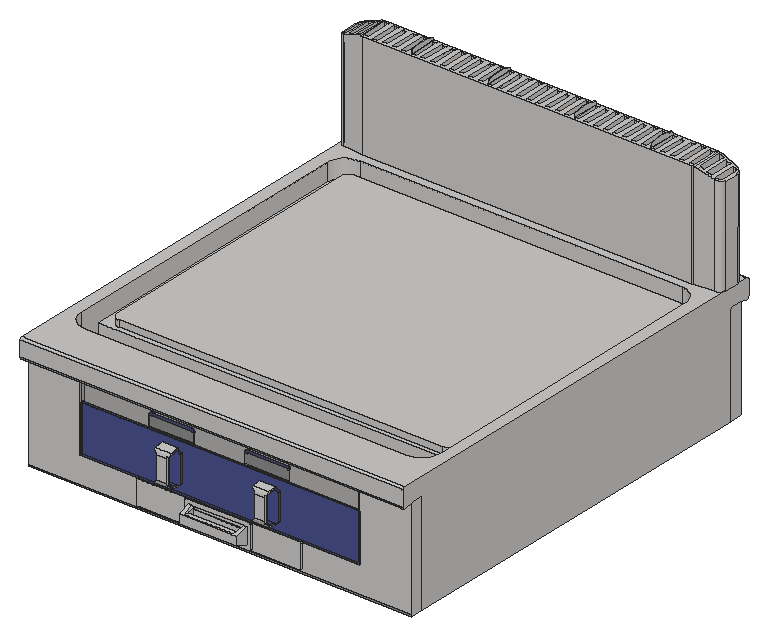
Revit family "QF_ELECTROLUXPROFESSIONAL_589094_MCHMAAHOPO", category Specialty Equipment, Revit 2018
Family settings
  Round Connector Dimension = Use Diameter
  Part Type = Normal
  Work Plane-Based = No
  Always vertical = Yes
  Cut with Voids When Loaded = No
  Shared = No
  Room Calculation Point = No
Parameters
  Weight in Pounds = 264.6
  Watts = 0 W
  URL Cutsheet = ""
  Type Mark [instance] = ""
  Specification by User [instance] = ""
  Specification by Manufacturer = ""
  Show Clearance [instance] = yes
  Serial Number = ""
  Seismic Rating = ""
  SMACNA No = ""
  Revision Code [instance] = ""
  Omniclass Number and Title = ""
  NAFEM Spec ID Number = ""
  Model = "589094"
  Mechanical Remarks = ""
  Mechanical Connection Type = ""
  Masterspec = ""
  Manufacturer = "ELECTROLUX"
  Item Number [instance] = ""
  Installed By [instance] = ""
  Identify Quantity as Lot [instance] = yes
  HP = "0 HP"
  Gas Size = 1/2"
  Gas RI Height [instance] = 0 mm
  Gas KW = 20
  Gas Input [instance] = 68180.0 Btu/h
  Gas Connection Height = 0 mm
  Furnished By [instance] = ""
  Foodservice Equipment Identifier [instance] = yes
  Direct Waste Size = 0"
  Description = "GAS FRYTOP,SMOOTH PL,1-SIDE,800X900X250H"
  CSI MasterFormat = ""
  CSI Master Format = ""
  Back Panel [instance] = yes
Reference planes
  plane 1 "BACK": y = 0
  plane 2: z = 0
  plane 3 "LEFT": x = 0
  plane 4 "RIGHT": x = 800
  plane 5 "FRONT": y = -900
  plane 6 "TOP": z = 250
  plane 7: x = 400
  plane 8: y = -450
  plane 9: z = 481
  plane 10: y = -1330
Forms (mm)
  Extrusion 1, solid, material "QF_Finishes_Stainless Steel"
    sketch origin (0, -487.128, 0) x (0, 1, 0) y (0, 0, 1)
      loop
        line (483.128, 250) -> (-408.872, 250)
        arc (-408.872, 250) -> (-411.7, 248.828) -> (-412.872, 246) r 4
        line (-412.872, 246) -> (-412.872, 214)
        arc (-412.872, 214) -> (-411.443, 210.936) -> (-408.177, 210.061) r 4
        line (-408.177, 210.061) -> (-391.509, 213) -> (-366.872, 213) -> (-366.872, 0) -> (441.128, 0) -> (441.128, 213) -> (465.765, 213) -> (482.433, 210.061)
        arc (482.433, 210.061) -> (485.699, 210.936) -> (487.128, 214) r 4
        line (487.128, 214) -> (487.128, 246)
        arc (487.128, 246) -> (485.956, 248.828) -> (483.128, 250) r 4
    from 0 to 800
  Extrusion 2, solid, material "QF_Finishes_Stainless Steel", visible <- "Back Panel"
    sketch origin (0, 0, 0) x (0, 1, 0) y (0, 0, 1)
      loop
        line (-46, 0) -> (-20, 0) -> (-20, 213) -> (-46, 213) -> (-46, 0)
    from 0 to 800
  Extrusion 3, void
    sketch origin (653.786, 44.048, 250) x (1, 0, 0) y (0, -1, 0)
      loop
        line (-590.636, 138.048) -> (83.064, 138.048)
        arc (83.064, 138.048) -> (110.04, 149.222) -> (121.214, 176.198) r 38.15
        line (121.214, 176.198) -> (121.214, 816.572)
        arc (121.214, 816.572) -> (109.944, 843.779) -> (82.737, 855.048) r 38.476
        line (82.737, 855.048) -> (-591.786, 855.048)
        arc (-591.786, 855.048) -> (-617.949, 844.211) -> (-628.786, 818.048) r 37
        line (-628.786, 818.048) -> (-628.786, 176.198)
        arc (-628.786, 176.198) -> (-617.613, 149.222) -> (-590.636, 138.048) r 38.15
    from 0 to 37
  Extrusion 4, void
    sketch origin (1307.573, 92.096, 213) x (0, 1, 0) y (1, 0, 0)
      loop
        line (-821.846, -532.573) -> (-864.62, -532.573)
        arc (-864.62, -532.573) -> (-891.827, -543.842) -> (-903.096, -571.049) r 38.476
        line (-903.096, -571.049) -> (-903.096, -1245.573)
        arc (-903.096, -1245.573) -> (-892.259, -1271.736) -> (-866.096, -1282.573) r 37
        line (-866.096, -1282.573) -> (-821.846, -1282.573) -> (-821.846, -532.573)
    from 0 to 25.6
  Extrusion 5, void
    sketch origin (1612.573, 92.096, 187.4) x (-1, 0, 0) y (0, 1, 0)
      loop
        circle (1212.573, -862.096) r 22.248
    from 0 to 92
  Extrusion 6, solid, material "QF_Finishes_Stainless Steel"
    sketch origin (0, -854, 0) x (1, 0, 0) y (0, -1, 0)
      loop
        circle (765, -264) r 6.35
    from 0 to 3.2
  Extrusion 7, solid, material "QF_Door-Drawer Clearances", visible <- "Show Clearance", detail levels coarse
    sketch origin (437.31, -881.593, 8.62) x (0, 0, 1) y (-1, 0, 0)
      loop
        line (1.973, -134.295) -> (49.317, -134.295)
        arc (49.317, -134.295) -> (50.776, -133.691) -> (51.38, -132.232) r 2.063
        line (51.38, -132.232) -> (51.38, 206.852)
        arc (51.38, 206.852) -> (50.88, 208.549) -> (49.541, 209.705) r 3.133
        line (49.541, 209.705) -> (3.067, 209.705)
        arc (3.067, 209.705) -> (0.898, 208.807) -> (0, 206.638) r 3.067
        line (0, 206.638) -> (0, -132.322)
        arc (0, -132.322) -> (0.578, -133.717) -> (1.973, -134.295) r 1.973
    from 0 to 448.407
  Extrusion 8, solid, material "QF_Finishes_Stainless Steel"
    sketch origin (653.786, 44.048, 213) x (1, 0, 0) y (0, 1, 0)
      loop
        line (-608.786, -166.361) -> (-608.786, -745.485)
        arc (-608.786, -745.485) -> (-603.47, -758.319) -> (-590.636, -763.635) r 18.15
        line (-590.636, -763.635) -> (83.064, -763.635)
        arc (83.064, -763.635) -> (95.898, -758.319) -> (101.214, -745.485) r 18.15
        line (101.214, -745.485) -> (101.214, -166.361)
        arc (101.214, -166.361) -> (95.898, -153.527) -> (83.064, -148.211) r 18.15
        line (83.064, -148.211) -> (-590.636, -148.211)
        arc (-590.636, -148.211) -> (-603.47, -153.527) -> (-608.786, -166.361) r 18.15
    from 0 to 13.3
  Extrusion 9, solid, material "QF_Clearances", visible <- "Show Clearance", detail levels coarse
    sketch origin (-178.969, -4572, 0) x (-1, 0, 0) y (0, -1, 0)
      loop
        line (-78.969, -3672) -> (-178.969, -3672) -> (-178.969, -4572) -> (-978.969, -4572) -> (-978.969, -3672) -> (-1078.969, -3672) -> (-1078.969, -4672) -> (-78.969, -4672) -> (-78.969, -3672)
    from 0 to 250
Cuts and joins
  Extrusion 3, Extrusion 4, Extrusion 5 cuts Extrusion 1
Lines and regions (mm)
  symbolic lines
    curve 1: line (493.666, -902.326, 0) -> (493.666, -900, 0)
    curve 2: spline (499.334, -903.73, 0) -> (498.856, -903.657, 0) -> (498.378, -903.575, 0) -> (497.901, -903.486, 0) -> (497.425, -903.389, 0) -> (496.95, -903.283, 0) -> (496.476, -903.17, 0) -> (496.004, -903.049, 0) -> (495.533, -902.92, 0) -> (495.064, -902.783, 0) -> (494.596, -902.638, 0) -> (494.13, -902.486, 0) -> (493.666, -902.326, 0)
    curve 3: line (525.881, -902.326, 0) -> (525.881, -900, 0)
    curve 4: spline (525.881, -902.326, 0) -> (525.417, -902.486, 0) -> (524.951, -902.638, 0) -> (524.483, -902.783, 0) -> (524.014, -902.92, 0) -> (523.543, -903.049, 0) -> (523.071, -903.17, 0) -> (522.597, -903.283, 0) -> (522.122, -903.389, 0) -> (521.646, -903.486, 0) -> (521.169, -903.575, 0) -> (520.691, -903.657, 0) -> (520.213, -903.73, 0)
    curve 5: line (499.334, -903.73, 0) -> (520.213, -903.73, 0)
    curve 6: line (25, -774, 0) -> (25, -132.15, 0)
    curve 7: arc (25, -132.15, 0) -> (36.174, -105.174, 0) -> (63.15, -94, 0) r 38.15
    curve 8: line (63.15, -94, 0) -> (736.85, -94, 0)
    curve 9: arc (736.85, -94, 0) -> (763.826, -105.174, 0) -> (775, -132.15, 0) r 38.15
    curve 10: line (775, -132.15, 0) -> (775, -772.524, 0)
    curve 11: arc (775, -772.524, 0) -> (763.731, -799.731, 0) -> (736.524, -811, 0) r 38.476
    curve 12: line (736.524, -811, 0) -> (62, -811, 0)
    curve 13: arc (62, -811, 0) -> (35.837, -800.163, 0) -> (25, -774, 0) r 37
    curve 14: line (775, -729.75, 0) -> (25, -729.75, 0)
    curve 15: circle (400, -770, 0) r 22.248 normal (0, 0, -1)
    curve 16: line (0, 0, 0) -> (800, 0, 0)
    curve 17: line (0, -900, 0) -> (0, 0, 0)
    curve 18: line (800, -900, 0) -> (0, -900, 0)
    curve 19: line (800, 0, 0) -> (800, -900, 0)
    curve 20: line (347.608, -908.767, 0) -> (450.042, -908.767, 0)
    curve 21: line (450.042, -908.767, 0) -> (451.588, -900, 0)
    curve 22: line (347.608, -908.767, 0) -> (346.062, -900, 0)
  symbolic lines, style "QF_Door-Drawer Clearances"
    curve 23: line (227.605, -1330, 0) -> (227.605, -900, 0)
    curve 24: line (227.605, -1330, 0) -> (571.605, -1330, 0)
    curve 25: line (571.605, -1330, 0) -> (571.605, -900, 0)
  symbolic lines, style "SpecialityEquipment"
    curve 26: line (755, -701.437, 0) -> (755, -122.313, 0)
    curve 27: arc (755, -122.313, 0) -> (749.684, -109.479, 0) -> (736.85, -104.163, 0) r 18.15
    curve 28: line (736.85, -104.163, 0) -> (63.15, -104.163, 0)
    curve 29: arc (63.15, -104.163, 0) -> (50.316, -109.479, 0) -> (45, -122.313, 0) r 18.15
    curve 30: line (45, -122.313, 0) -> (45, -701.437, 0)
    curve 31: arc (45, -701.437, 0) -> (50.316, -714.271, 0) -> (63.15, -719.587, 0) r 18.15
    curve 32: line (63.15, -719.587, 0) -> (736.85, -719.587, 0)
    curve 33: arc (736.85, -719.587, 0) -> (749.684, -714.271, 0) -> (755, -701.437, 0) r 18.15
  symbolic lines, style "QF_Clearances", visible <- "Show Clearance", detail levels coarse
    curve 34: line (-100, 100, 0) -> (-100, -900, 0)
    curve 35: line (900, 100, 0) -> (-100, 100, 0)
    curve 36: line (900, -900, 0) -> (900, 100, 0)
Dimensions and locks
  plane 3 "LEFT" to plane 4 "RIGHT" = 800 mm
  plane 5 "FRONT" to plane 1 "BACK" = 900 mm
  equal spacing: plane 3 "LEFT", plane 7, plane 4 "RIGHT"
  equal spacing: plane 5 "FRONT", plane 8, plane 1 "BACK"
  plane 6 "TOP" to level = 250 mm  (x2)
  plane 1 "BACK" to plane 5 "FRONT" = 900 mm
  Extrusion 6 sketch curve to plane 1 "BACK" = 590 mm
  Extrusion 6 sketch curve to plane 4 "RIGHT" = 35 mm
  plane 5 "FRONT" to plane 10 = 430 mm
  plane 9 to plane 6 "TOP" = 231 mm
  plane 9 to level = 481 mm
  Extrusion 9 to plane 3 "LEFT" = 100 mm
  plane 4 "RIGHT" to Extrusion 9 = 100 mm
  plane 1 "BACK" to Extrusion 9 = 100 mm
  radius of Extrusion 8 sketch curve = 18.15 mm  (x4)
  aligned and locked: level to plane 2
  aligned and locked: Extrusion 7 to plane 10
  aligned and locked: plane 6 "TOP" to Extrusion 9
  aligned and locked: cut or joined group of Extrusion 1, Extrusion 3, Extrusion 4, Extrusion 5 to plane 4 "RIGHT"
  aligned and locked: Extrusion 2 to plane 4 "RIGHT"
  aligned and locked: plane 7 to nested 1
  aligned and locked: plane 7 to nested 2
Automatic sketch dimensions
  Extrusion 2 sketch curve to Extrusion 2 sketch curve = 26 mm
  plane 1 "BACK" to Extrusion 2 sketch curve = 20 mm
  Extrusion 1 to Extrusion 3 sketch curve = 90 mm
  Extrusion 1 to Extrusion 3 sketch curve = 122 mm
  Extrusion 1 to Extrusion 3 sketch curve = 25 mm
  Extrusion 3 sketch curve to Extrusion 3 sketch curve = 38.15 mm  (x2)
  Extrusion 1 to Extrusion 3 sketch curve = 123.476 mm
  Extrusion 1 to Extrusion 3 sketch curve = 85 mm
  Extrusion 3 sketch curve to Extrusion 3 sketch curve = 674.524 mm
  Extrusion 1 sketch curve to plane 5 "FRONT" = 0 mm
  Extrusion 1 sketch curve to plane 6 "TOP" = 0 mm
  Extrusion 1 sketch curve to level = 0 mm
  Extrusion 1 sketch curve to plane 1 "BACK" = 0 mm
  Extrusion 1 sketch curve to plane 6 "TOP" = 37 mm  (x2)
  Extrusion 1 sketch curve to plane 5 "FRONT" = 4 mm
  Extrusion 1 sketch curve to plane 5 "FRONT" = 21.363 mm
  Extrusion 1 sketch curve to plane 5 "FRONT" = 46 mm
  plane 1 "BACK" to Extrusion 1 sketch curve = 21.363 mm
  plane 1 "BACK" to Extrusion 1 sketch curve = 4 mm  (x2)
  Extrusion 1 sketch curve to Extrusion 1 sketch curve = 4 mm
  Extrusion 1 sketch curve to Extrusion 1 sketch curve = 0.695 mm
  Extrusion 1 sketch curve to Extrusion 1 sketch curve = 0 mm  (x4)
  plane 1 "BACK" to Extrusion 1 sketch curve = 4.695 mm
  Extrusion 1 sketch curve to Extrusion 1 sketch curve = 1 mm  (x2)
  plane 1 "BACK" to Extrusion 1 sketch curve = 46 mm
  Extrusion 4 sketch curve to Extrusion 3 = 81.25 mm
  Extrusion 3 to Extrusion 4 sketch curve = 0 mm  (x2)
  Extrusion 4 sketch curve to Extrusion 4 sketch curve = 37 mm
  Extrusion 4 sketch curve to Extrusion 4 sketch curve = 674.524 mm
  Extrusion 4 sketch curve to Extrusion 3 = 38.476 mm
  Extrusion 5 sketch curve to Extrusion 4 = 41 mm
  Extrusion 5 sketch curve to Extrusion 4 = 375 mm
  plane 1 "BACK" to curve 16 = 0 mm
  curve 16 to plane 4 "RIGHT" = 0 mm
  curve 23 to plane 10 = 0 mm
  curve 17 to plane 3 "LEFT" = 0 mm
  plane 5 "FRONT" to curve 25 = 0 mm
  plane 4 "RIGHT" to curve 10 = 25 mm
  curve 10 to curve 8 = 38.15 mm
  curve 11 to curve 12 = 38.476 mm
  plane 5 "FRONT" to curve 21 = 8.767 mm
  plane 5 "FRONT" to curve 3 = 2.326 mm
  plane 7 to curve 3 = 125.881 mm
  plane 5 "FRONT" to curve 5 = 3.73 mm
  curve 3 to curve 5 = 5.669 mm
  curve 5 to curve 22 = 172.605 mm
  curve 5 to curve 20 = 151.727 mm
  plane 5 "FRONT" to curve 1 = 2.326 mm
  curve 2 to curve 1 = 5.669 mm
  plane 3 "LEFT" to curve 8 = 63.15 mm
  plane 3 "LEFT" to curve 12 = 62 mm
  plane 3 "LEFT" to curve 23 = 227.605 mm
  plane 3 "LEFT" to curve 6 = 25 mm
  plane 4 "RIGHT" to curve 25 = 228.395 mm
  plane 5 "FRONT" to curve 4 = 4.032 mm
  curve 5 to curve 4 = 4.17 mm
  curve 4 to curve 22 = 169.98 mm
  curve 4 to curve 2 = 12.538 mm
  curve 15 to curve 13 = 338 mm
  plane 1 "BACK" to curve 8 = 94 mm
  curve 10 to plane 5 "FRONT" = 127.476 mm
  curve 14 to curve 13 = 44.25 mm
  curve 15 to curve 13 = 4 mm
  curve 2 to curve 4 = 0 mm
  Extrusion 8 sketch curve to Extrusion 3 = 20 mm
  Extrusion 8 sketch curve to Extrusion 3 = 91.413 mm
  Extrusion 8 sketch curve to Extrusion 3 = 38.15 mm
  Extrusion 8 sketch curve to Extrusion 3 = 28.313 mm
  plane 4 "RIGHT" to curve 26 = 45 mm
  plane 3 "LEFT" to curve 28 = 63.15 mm
  plane 1 "BACK" to curve 28 = 104.163 mm
  curve 28 to curve 8 = 0 mm
  curve 33 to curve 32 = 18.15 mm
  curve 32 to curve 14 = 38.15 mm
  curve 29 to curve 30 = 18.15 mm
  curve 30 to curve 14 = 28.313 mm
  plane 7 to curve 21 = 50.042 mm
  curve 21 to curve 20 = 1.546 mm
  plane 1 "BACK" to Extrusion 9 sketch curve = 0 mm
  plane 5 "FRONT" to Extrusion 9 sketch curve = 0 mm  (x2)
  Extrusion 9 sketch curve to plane 4 "RIGHT" = 100 mm
  Extrusion 9 sketch curve to plane 1 "BACK" = 100 mm
  Extrusion 9 sketch curve to plane 3 "LEFT" = 100 mm
  Extrusion 9 sketch curve to plane 3 "LEFT" = 0 mm
  Extrusion 9 sketch curve to plane 4 "RIGHT" = 0 mm
  curve 34 to plane 3 "LEFT" = 100 mm
  curve 34 to plane 1 "BACK" = 100 mm
  plane 5 "FRONT" to curve 34 = 0 mm
  curve 35 to plane 4 "RIGHT" = 100 mm
  plane 5 "FRONT" to curve 36 = 0 mm
  level to Extrusion 7 sketch curve = 8.62 mm
  level to Extrusion 7 sketch curve = 57.937 mm
  plane 7 to Extrusion 7 sketch curve = 171.605 mm
  Extrusion 7 sketch curve to Extrusion 7 sketch curve = 1.973 mm
  Extrusion 7 sketch curve to Extrusion 7 sketch curve = 3.067 mm
  Extrusion 7 sketch curve to Extrusion 7 sketch curve = 46.474 mm
  Extrusion 7 sketch curve to Extrusion 7 sketch curve = 2.063 mm
  Extrusion 7 sketch curve to Extrusion 7 sketch curve = 3.133 mm
  Extrusion 7 sketch curve to plane 7 = 169.328 mm
  Extrusion 2 sketch curve to level = 0 mm
  Extrusion 2 sketch curve to plane 6 "TOP" = 37 mm
  radius of Extrusion 5 sketch curve = 22.248 mm
  radius of Extrusion 6 sketch curve = 6.35 mm
  radius of curve 15 = 22.248 mm
Nested families
  nested 1: "GG_900_800 Front Panel with Center Grease Trap" at (0, -854, -650), type "GG_900_800 Front Panel with Center Grease Trap"
  nested 2: "GG_900_Backsplash for 800 fryer" at (388.888, -5, -635.571), type "GG_900_Backsplash for 800 fryer"
Connectors
  piping at (765, -590, -3.2), diameter 12.8
    settings: on Extrusion 6, index 1, connector inside diameter 0.50394", connector length 0 mm, flow factor 0, pipe flow 0 GPM, pressure drop 0.00 psi, fitting loss kfactor 0, connector angle 0.00°, fixture units 0, engagement length 0 mm, angle of deflection 0.00°, flow configuration 1, flow direction 1, fitting loss method 0, system type 7, joint type 0, gender type 0, connector reference index -1, connector utility 0, adjustable connector no, is connector primary yes, connector description "GAS CONNECTION"
Definition of nested family "GG_900_800 Front Panel with Center Grease Trap"
  Reference planes
    plane 1 "Center (Front/Back)": y = 0
    plane 2: z = 0
    plane 3 "Center (Left/Right)": x = 0
    plane 4: y = -26.492
    plane 5: x = 400
    plane 6: x = 522.091
    plane 7: x = 319.468
  Forms (mm)
    Extrusion 1, solid
      sketch origin (1033.217, 829.203, -1.25) x (0, 1, 0) y (0, 0, 1)
        loop
          arc (-854.203, 654.25) -> (-853.324, 652.129) -> (-851.203, 651.25) r 3
          line (-851.203, 651.25) -> (-829.203, 651.25) -> (-829.203, 864.25) -> (-854.203, 864.25) -> (-854.203, 654.25)
      from -1033.217 to -233.217
    Extrusion 2, void
      sketch origin (1033.217, 829.203, -1.25) x (1, 0, 0) y (0, 0, 1)
        loop
          line (-341.217, 853.25) -> (-925.217, 853.25) -> (-925.217, 711.25) -> (-341.217, 711.25) -> (-341.217, 853.25)
      from 843.409 to 854.203
  Cuts and joins
    Extrusion 2 cuts Extrusion 1
  Dimensions and locks
    cut or joined group of Extrusion 1, Extrusion 2 to cut or joined group of Extrusion 1, Extrusion 2 = 108 mm
    nested 2 to plane 3 "Center (Left/Right)" = 108 mm
    nested 2 to plane 3 "Center (Left/Right)" = 252.97 mm
    cut or joined group of Extrusion 1, Extrusion 2 to nested 2 = 253.275 mm
    cut or joined group of Extrusion 1, Extrusion 2 to nested 4 = 297.909 mm
    nested 3 to plane 3 "Center (Left/Right)" = 298.218 mm
    aligned and locked: nested 1 to nested 2
  Nested families
    nested 1: "grease trap door" at (467.599, -25, 0.608) x (-1, 0, 0) z (0, 0, 1), type "grease trap door"
    nested 2: "Long Glass Control Panel w-Two Reads" at (108, -25, 5.811), type "Long Glass Control Panel w-Two Reads"
    nested 3: "Range Control Handle" at (298.218, -28.137, -207.75), type "Range Control Handle"
    nested 4: "Range Control Handle" at (502.091, -28.137, -207.75), type "Range Control Handle"
  Definition of nested family "grease trap door"
    Reference planes
      plane 1 "Center (Front/Back)": y = 0
      plane 2: z = 0
      plane 3 "Center (Left/Right)": x = 0
    Forms (mm)
      Extrusion 1, solid
        sketch origin (1627.55, 854.203, -1.25) x (1, 0, 0) y (0, 0, 1)
          loop
            arc (-1627.55, 661.235) -> (-1626.972, 659.84) -> (-1625.577, 659.262) r 1.973
            line (-1625.577, 659.262) -> (-1494.325, 659.262)
            arc (-1494.325, 659.262) -> (-1492.156, 660.16) -> (-1491.258, 662.329) r 3.067
            line (-1491.258, 662.329) -> (-1491.258, 708.803)
            arc (-1491.258, 708.803) -> (-1492.414, 710.143) -> (-1494.111, 710.642) r 3.133
            line (-1494.111, 710.642) -> (-1625.486, 710.642)
            arc (-1625.486, 710.642) -> (-1626.945, 710.038) -> (-1627.55, 708.579) r 2.063
            line (-1627.55, 708.579) -> (-1627.55, 661.235)
        from 856.795 to 859.203
      Extrusion 2, solid
        sketch origin (445.874, 2476.61, 0) x (0, 1, 0) y (0, 0, 1)
          loop
            line (-2506.377, 675.273) -> (-2481.61, 667.505) -> (-2481.61, 700.995) -> (-2506.377, 693.227) -> (-2506.377, 675.273)
        from -437.68 to -317.68
      Extrusion 3, void
        sketch origin (1627.55, 854.203, -1.25) x (1, 0, 0) y (0, 0, 1)
          loop
            line (-1614.883, 703) -> (-1610.542, 695.433) -> (-1508.17, 695.433) -> (-1503.828, 703) -> (-1614.883, 703)
          loop
            line (-1614.883, 668) -> (-1502.669, 668) -> (-1507.01, 675.567) -> (-1610.542, 675.567) -> (-1614.883, 668)
        from 832.916 to 883.97
      Extrusion 4, void
        sketch origin (447.55, 854.203, -1.25) x (1, 0, 0) y (0, 0, 1)
          loop
            line (-430.542, 695.433) -> (-430.542, 675.567) -> (-328.17, 675.567) -> (-328.17, 695.433) -> (-430.542, 695.433)
        from 859.203 to 874.202
      Extrusion 5, solid
        sketch origin (1627.55, 854.203, -1.25) x (1, 0, 0) y (0, 0, 1)
          loop
            arc (-1731.556, 661.235) -> (-1730.978, 659.84) -> (-1729.583, 659.262) r 1.973
            line (-1729.583, 659.262) -> (-1390.623, 659.262)
            arc (-1390.623, 659.262) -> (-1388.454, 660.16) -> (-1387.556, 662.329) r 3.067
            line (-1387.556, 662.329) -> (-1387.556, 708.803)
            arc (-1387.556, 708.803) -> (-1388.712, 710.143) -> (-1390.409, 710.642) r 3.133
            line (-1390.409, 710.642) -> (-1729.493, 710.642)
            arc (-1729.493, 710.642) -> (-1730.952, 710.038) -> (-1731.556, 708.579) r 2.063
            line (-1731.556, 708.579) -> (-1731.556, 661.235)
        from 854.203 to 856.795
    Cuts and joins
      Extrusion 3 cuts Extrusion 1
      Extrusion 3, Extrusion 4 cuts Extrusion 2
      joined: Extrusion 1, Extrusion 2
    Lines and regions (mm)
      symbolic lines
        curve 1: line (0, -2.593, 0) -> (136.292, -2.593, 0)
        curve 2: line (17.557, -29.767, 0) -> (12.667, -2.593, 0)
        curve 3: line (17.557, -29.767, 0) -> (119.991, -29.767, 0)
        curve 4: line (119.991, -29.767, 0) -> (124.881, -2.593, 0)
        curve 5: line (68.146, -2.593, 0) -> (68.146, -29.767, 0)
      model lines
        curve 6: line (67.599, 0, 658.012) -> (67.599, 0, 709.392)
    Dimensions and locks
      aligned and locked: Extrusion 2 to Extrusion 1
      aligned and locked: Extrusion 3 to Extrusion 2
      aligned and locked: Extrusion 4 to Extrusion 1
  Definition of nested family "Long Glass Control Panel w-Two Reads"
    Reference planes
      plane 1 "Center (Front/Back)": y = 0
      plane 2: z = 0
      plane 3 "Center (Left/Right)": x = 0
      plane 4: x = 584
      plane 5: x = 581.091
      plane 6: x = 350
      plane 7: x = 233.749
      plane 8 "Top": z = 846.189
      plane 9 "Center": x = 292
    Forms (mm)
      Extrusion 1, solid
        sketch origin (550.286, 304.8, -4.308) x (1, 0, 0) y (0, 0, 1)
          loop
            line (-550.286, 806.791) -> (-550.286, 708.497) -> (33.714, 708.497) -> (33.714, 806.791) -> (-550.286, 806.791)
        from 300.031 to 304.8
      Extrusion 2, solid
        sketch origin (550.286, 304.8, -4.308) x (1, 0, 0) y (0, 0, 1)
          loop
            line (-550.286, 850.497) -> (-550.286, 806.791) -> (33.714, 806.791) -> (33.714, 850.497) -> (-550.286, 850.497)
        from 300.031 to 304.8
      Extrusion 3, solid
        sketch origin (550.286, 305.901, -4.308) x (1, 0, 0) y (0, 0, 1)
          loop
            line (-311.561, 812.62) -> (-311.561, 834.177) -> (-316.37, 834.177) -> (-318.169, 835.977) -> (-398.599, 835.977) -> (-400.399, 834.177) -> (-405.316, 834.177) -> (-405.316, 812.62) -> (-311.561, 812.62)
          loop
            line (-111.561, 812.62) -> (-111.561, 834.177) -> (-116.37, 834.177) -> (-118.169, 835.977) -> (-198.599, 835.977) -> (-200.399, 834.177) -> (-205.316, 834.177) -> (-205.316, 812.62) -> (-111.561, 812.62)
        from 304.798 to 306.745
      Extrusion 4, solid
        sketch origin (550.286, 305.901, -4.308) x (1, 0, 0) y (0, 0, 1)
          loop
            line (-318.121, 835.977) -> (-316.321, 834.177) -> (-311.611, 834.177)
            arc (-311.611, 834.177) -> (-312.787, 838.752) -> (-317.062, 840.763) r 5.549
            line (-317.062, 840.763) -> (-399.768, 840.763)
            arc (-399.768, 840.763) -> (-404.024, 838.747) -> (-405.16, 834.177) r 5.5
            line (-405.16, 834.177) -> (-400.351, 834.177) -> (-398.551, 835.977) -> (-318.121, 835.977)
          loop
            line (-200.222, 834.177) -> (-198.422, 835.977) -> (-117.993, 835.977) -> (-116.193, 834.177) -> (-111.482, 834.177)
            arc (-111.482, 834.177) -> (-112.659, 838.752) -> (-116.934, 840.763) r 5.549
            line (-116.934, 840.763) -> (-199.639, 840.763)
            arc (-199.639, 840.763) -> (-203.895, 838.747) -> (-205.031, 834.177) r 5.5
            line (-205.031, 834.177) -> (-200.222, 834.177)
        from 304.798 to 306.745
      Extrusion 5, void
        sketch origin (550.286, 304.8, -4.308) x (1, 0, 0) y (0, 0, 1)
          loop
            line (-547.628, 847.565) -> (-547.628, 710.699) -> (30.804, 710.699) -> (30.804, 847.565) -> (-547.628, 847.565)
        from 303.697 to 304.8
    Cuts and joins
      Extrusion 5 cuts Extrusion 1
      Extrusion 5 cuts Extrusion 2
      Extrusion 5 cuts Extrusion 3
      Extrusion 5 cuts Extrusion 4
    Lines and regions (mm)
      symbolic lines
        curve 1: line (0, 4.769, 0) -> (584, 4.769, 0)
    Dimensions and locks
      plane 4 to plane 3 "Center (Left/Right)" = 584 mm
      locked: plane 4 to plane 5 at 2.909
      plane 4 to plane 6 = 234 mm
      plane 7 to plane 3 "Center (Left/Right)" = 233.749 mm
      aligned and locked: Extrusion 1 to Extrusion 2
      aligned and locked: Extrusion 3 to Extrusion 4
  Definition of nested family "Range Control Handle"
    Reference planes
      plane 1 "Center (Front/Back)": y = 0
      plane 2: z = 0
      plane 3 "Center (Left/Right)": x = 0
      plane 4: z = 971.092
    Forms (mm)
      Extrusion 1, solid
        sketch origin (-746.28, 380.497, 208.931) x (-1, 0, 0) y (0, 0, 1)
          loop
            line (-770.101, 786.798) -> (-770.101, 731.649)
            arc (-770.101, 731.649) -> (-769.759, 730.563) -> (-768.855, 729.87) r 1.893
            line (-768.855, 729.87) -> (-763.474, 727.911) -> (-729.81, 727.911) -> (-724.428, 729.87)
            arc (-724.428, 729.87) -> (-723.525, 730.563) -> (-723.183, 731.649) r 1.893
            line (-723.183, 731.649) -> (-723.183, 786.798)
            arc (-723.183, 786.798) -> (-723.529, 787.894) -> (-724.44, 788.593) r 1.91
            line (-724.44, 788.593) -> (-729.683, 790.819) -> (-763.601, 790.819) -> (-768.844, 788.593)
            arc (-768.844, 788.593) -> (-769.755, 787.894) -> (-770.101, 786.798) r 1.91
        from -382.35 to -378.852
      Sweep 2, solid
        path origin (-746.788, 380.496, 208.091) x (0, -1, 0) y (0, 0, 1)
          loop
            line (379.775, 793.281) -> (395.661, 791.048)
            arc (395.661, 791.048) -> (397.781, 787.377) -> (398.517, 783.202) r 12.207
            line (398.517, 783.202) -> (398.517, 737.368)
            arc (398.517, 737.368) -> (397.781, 733.193) -> (395.661, 729.522) r 12.207
            line (395.661, 729.522) -> (379.775, 727.289)
        profile origin (-746.788, -7.222, 1000.256) x (0, -0.139173, 0.990268) y (-1, 0, 0)
          loop
            line (0.782, -763.123) -> (0.782, -730.907) -> (-1.322, -730.907) -> (-1.322, -763.123) -> (0.782, -763.123)
      Sweep 3, solid
        path origin (-746.788, 380.715, 207.832) x (0, -1, 0) y (0, 0, 1)
          loop
            line (380.478, 795.442) -> (397.218, 793.09)
            arc (397.218, 793.09) -> (399.929, 788.473) -> (400.871, 783.202) r 15.207
            line (400.871, 783.202) -> (400.871, 737.584)
            arc (400.871, 737.584) -> (399.914, 732.274) -> (397.164, 727.633) r 15.207
            line (397.164, 727.633) -> (380.601, 725.305)
        profile origin (-746.788, -8.132, 1002.099) x (0, -0.139173, 0.990268) y (-1, 0, 0)
          loop
            line (0.782, -763.123) -> (0.782, -730.907) -> (-1.322, -730.907) -> (-1.322, -763.123) -> (0.782, -763.123)
      Extrusion 4, void
        sketch origin (889.253, 220.666, 207.993) x (1, 0, 0) y (0, 0, 1)
          loop
            line (-943.038, 816.854) -> (-943.038, 703.686) -> (-899.466, 734.196) -> (-899.466, 786.344) -> (-943.038, 816.854)
        from 230.636 to 242.25
      Extrusion 5, void
        sketch origin (-888.8, 220.666, 207.993) x (-1, 0, 0) y (0, 0, -1)
          loop
            line (-943.038, -816.854) -> (-899.466, -786.344) -> (-899.466, -734.196) -> (-943.038, -703.686) -> (-943.038, -816.854)
        from 230.636 to 242.25
      Extrusion 6, solid
        sketch origin (0, 0, 0) x (1, 0, 0) y (0, 0, 1)
          loop
            circle (0, 971.092) r 7.736
        from -3.137 to -1.645
    Cuts and joins
      Extrusion 4, Extrusion 5 cuts Sweep 3
      Extrusion 4, Extrusion 5 cuts Sweep 2
      joined: Extrusion 1, Extrusion 6
    Lines and regions (mm)
      symbolic lines
        curve 1: line (23.821, 1.645, 0) -> (-23.097, 1.645, 0)
        curve 2: line (16.334, -1.853, 0) -> (23.821, -1.853, 0)
        curve 3: line (-15.881, -19.189, 0) -> (-15.881, -1.853, 0)
        curve 4: line (-23.097, -1.853, 0) -> (-15.881, -1.853, 0)
        curve 5: line (16.334, -19.189, 0) -> (16.334, -1.853, 0)
        curve 6: spline (-15.881, -19.189, 0) -> (-15.417, -19.349, 0) -> (-14.951, -19.501, 0) -> (-14.483, -19.646, 0) -> (-14.014, -19.783, 0) -> (-13.543, -19.912, 0) -> (-13.071, -20.033, 0) -> (-12.597, -20.146, 0) -> (-12.122, -20.251, 0) -> (-11.646, -20.349, 0) -> (-11.169, -20.438, 0) -> (-10.691, -20.52, 0) -> (-10.213, -20.593, 0)
        curve 7: spline (10.666, -20.593, 0) -> (11.144, -20.52, 0) -> (11.622, -20.438, 0) -> (12.099, -20.349, 0) -> (12.575, -20.251, 0) -> (13.05, -20.146, 0) -> (13.524, -20.033, 0) -> (13.996, -19.912, 0) -> (14.467, -19.783, 0) -> (14.936, -19.646, 0) -> (15.404, -19.501, 0) -> (15.87, -19.349, 0) -> (16.334, -19.189, 0)
        curve 8: line (-10.213, -20.938, 0) -> (10.716, -20.938, 0)
        curve 9: line (-23.097, 1.645, 0) -> (-23.097, -1.853, 0)
        curve 10: line (23.821, 1.645, 0) -> (23.821, -1.853, 0)
Definition of nested family "GG_900_Backsplash for 800 fryer"
  Reference planes
    plane 1 "Center (Front/Back)": y = 0
    plane 2: z = 0
    plane 3 "Center (Left/Right)": x = 11.112
    plane 4: x = -388.888
    plane 5: x = 411.112
    plane 6: y = -37.994
  Forms (mm)
    Extrusion 1, solid
      sketch origin (3208.371, -22.924, -275.679) x (1, 0, 0) y (0, 0, 1)
        loop
          line (-3597.259, 1365.162) -> (-3597.259, 1161.25) -> (-2797.259, 1161.25) -> (-2797.259, 1364.934) -> (-2841.553, 1381.055)
          arc (-2841.553, 1381.055) -> (-2844.994, 1381.949) -> (-2848.536, 1382.25) r 21
          line (-2848.536, 1382.25) -> (-3546.608, 1382.25)
          arc (-3546.608, 1382.25) -> (-3550.146, 1381.95) -> (-3553.582, 1381.058) r 21
          line (-3553.582, 1381.058) -> (-3597.259, 1365.162)
      from -17.885 to 48.024
    Extrusion 2, void
      sketch origin (3108.387, -925.98, -226.348) x (1, 0, 0) y (0, 1, 0)
        loop
          line (-3444.887, 915.362) -> (-3444.887, 861.502) -> (-3434.887, 861.502) -> (-3434.887, 915.362) -> (-3444.887, 915.362)
      from 1111.919 to 1332.919
    Extrusion 3, void
      sketch origin (3789.012, -925.98, -226.348) x (1, 0, 0) y (0, 1, 0)
        loop
          line (-3444.887, 915.362) -> (-3444.887, 861.502) -> (-3434.887, 861.502) -> (-3434.887, 915.362) -> (-3444.887, 915.362)
      from 1111.919 to 1332.919
    Extrusion 4, void
      sketch origin (3128.405, -925.98, -226.348) x (1, 0, 0) y (0, 1, 0)
        loop
          line (-3444.887, 915.362) -> (-3444.887, 861.502) -> (-3434.887, 861.502) -> (-3434.887, 915.362) -> (-3444.887, 915.362)
      from 1111.919 to 1332.919
    Extrusion 5, void
      sketch origin (3148.424, -925.98, -226.348) x (1, 0, 0) y (0, 1, 0)
        loop
          line (-3444.887, 915.362) -> (-3444.887, 861.502) -> (-3434.887, 861.502) -> (-3434.887, 915.362) -> (-3444.887, 915.362)
      from 1111.919 to 1332.919
    Extrusion 6, void
      sketch origin (3168.442, -925.98, -226.348) x (1, 0, 0) y (0, 1, 0)
        loop
          line (-3444.887, 915.362) -> (-3444.887, 861.502) -> (-3434.887, 861.502) -> (-3434.887, 915.362) -> (-3444.887, 915.362)
      from 1111.919 to 1332.919
    Extrusion 7, void
      sketch origin (3188.46, -925.98, -226.348) x (1, 0, 0) y (0, 1, 0)
        loop
          line (-3444.887, 915.362) -> (-3444.887, 861.502) -> (-3434.887, 861.502) -> (-3434.887, 915.362) -> (-3444.887, 915.362)
      from 1111.919 to 1332.919
    Extrusion 8, void
      sketch origin (3208.479, -925.98, -226.348) x (1, 0, 0) y (0, 1, 0)
        loop
          line (-3444.887, 915.362) -> (-3444.887, 861.502) -> (-3434.887, 861.502) -> (-3434.887, 915.362) -> (-3444.887, 915.362)
      from 1111.919 to 1332.919
    Extrusion 9, void
      sketch origin (3228.497, -925.98, -226.348) x (1, 0, 0) y (0, 1, 0)
        loop
          line (-3444.887, 915.362) -> (-3444.887, 861.502) -> (-3434.887, 861.502) -> (-3434.887, 915.362) -> (-3444.887, 915.362)
      from 1111.919 to 1332.919
    Extrusion 10, void
      sketch origin (3248.516, -925.98, -226.348) x (1, 0, 0) y (0, 1, 0)
        loop
          line (-3444.887, 915.362) -> (-3444.887, 861.502) -> (-3434.887, 861.502) -> (-3434.887, 915.362) -> (-3444.887, 915.362)
      from 1111.919 to 1332.919
    Extrusion 11, void
      sketch origin (3268.534, -925.98, -226.348) x (1, 0, 0) y (0, 1, 0)
        loop
          line (-3444.887, 915.362) -> (-3444.887, 861.502) -> (-3434.887, 861.502) -> (-3434.887, 915.362) -> (-3444.887, 915.362)
      from 1111.919 to 1332.919
    Extrusion 12, void
      sketch origin (3288.552, -925.98, -226.348) x (1, 0, 0) y (0, 1, 0)
        loop
          line (-3444.887, 915.362) -> (-3444.887, 861.502) -> (-3434.887, 861.502) -> (-3434.887, 915.362) -> (-3444.887, 915.362)
      from 1111.919 to 1332.919
    Extrusion 13, void
      sketch origin (3308.571, -925.98, -226.348) x (1, 0, 0) y (0, 1, 0)
        loop
          line (-3444.887, 915.362) -> (-3444.887, 861.502) -> (-3434.887, 861.502) -> (-3434.887, 915.362) -> (-3444.887, 915.362)
      from 1111.919 to 1332.919
    Extrusion 14, void
      sketch origin (3328.589, -925.98, -226.348) x (1, 0, 0) y (0, 1, 0)
        loop
          line (-3444.887, 915.362) -> (-3444.887, 861.502) -> (-3434.887, 861.502) -> (-3434.887, 915.362) -> (-3444.887, 915.362)
      from 1111.919 to 1332.919
    Extrusion 15, void
      sketch origin (3348.607, -925.98, -226.348) x (1, 0, 0) y (0, 1, 0)
        loop
          line (-3444.887, 915.362) -> (-3444.887, 861.502) -> (-3434.887, 861.502) -> (-3434.887, 915.362) -> (-3444.887, 915.362)
      from 1111.919 to 1332.919
    Extrusion 16, void
      sketch origin (3368.626, -925.98, -226.348) x (1, 0, 0) y (0, 1, 0)
        loop
          line (-3444.887, 915.362) -> (-3444.887, 861.502) -> (-3434.887, 861.502) -> (-3434.887, 915.362) -> (-3444.887, 915.362)
      from 1111.919 to 1332.919
    Extrusion 17, void
      sketch origin (3388.644, -925.98, -226.348) x (1, 0, 0) y (0, 1, 0)
        loop
          line (-3444.887, 915.362) -> (-3444.887, 861.502) -> (-3434.887, 861.502) -> (-3434.887, 915.362) -> (-3444.887, 915.362)
      from 1111.919 to 1332.919
    Extrusion 18, void
      sketch origin (3408.663, -925.98, -226.348) x (1, 0, 0) y (0, 1, 0)
        loop
          line (-3444.887, 915.362) -> (-3444.887, 861.502) -> (-3434.887, 861.502) -> (-3434.887, 915.362) -> (-3444.887, 915.362)
      from 1111.919 to 1332.919
    Extrusion 19, void
      sketch origin (3428.681, -925.98, -226.348) x (1, 0, 0) y (0, 1, 0)
        loop
          line (-3444.887, 915.362) -> (-3444.887, 861.502) -> (-3434.887, 861.502) -> (-3434.887, 915.362) -> (-3444.887, 915.362)
      from 1111.919 to 1332.919
    Extrusion 20, void
      sketch origin (3448.699, -925.98, -226.348) x (1, 0, 0) y (0, 1, 0)
        loop
          line (-3444.887, 915.362) -> (-3444.887, 861.502) -> (-3434.887, 861.502) -> (-3434.887, 915.362) -> (-3444.887, 915.362)
      from 1111.919 to 1332.919
    Extrusion 21, void
      sketch origin (3468.718, -925.98, -226.348) x (1, 0, 0) y (0, 1, 0)
        loop
          line (-3444.887, 915.362) -> (-3444.887, 861.502) -> (-3434.887, 861.502) -> (-3434.887, 915.362) -> (-3444.887, 915.362)
      from 1111.919 to 1332.919
    Extrusion 22, void
      sketch origin (3488.736, -925.98, -226.348) x (1, 0, 0) y (0, 1, 0)
        loop
          line (-3444.887, 915.362) -> (-3444.887, 861.502) -> (-3434.887, 861.502) -> (-3434.887, 915.362) -> (-3444.887, 915.362)
      from 1111.919 to 1332.919
    Extrusion 23, void
      sketch origin (3508.755, -925.98, -226.348) x (1, 0, 0) y (0, 1, 0)
        loop
          line (-3444.887, 915.362) -> (-3444.887, 861.502) -> (-3434.887, 861.502) -> (-3434.887, 915.362) -> (-3444.887, 915.362)
      from 1111.919 to 1332.919
    Extrusion 24, void
      sketch origin (3528.773, -925.98, -226.348) x (1, 0, 0) y (0, 1, 0)
        loop
          line (-3444.887, 915.362) -> (-3444.887, 861.502) -> (-3434.887, 861.502) -> (-3434.887, 915.362) -> (-3444.887, 915.362)
      from 1111.919 to 1332.919
    Extrusion 25, void
      sketch origin (3548.791, -925.98, -226.348) x (1, 0, 0) y (0, 1, 0)
        loop
          line (-3444.887, 915.362) -> (-3444.887, 861.502) -> (-3434.887, 861.502) -> (-3434.887, 915.362) -> (-3444.887, 915.362)
      from 1111.919 to 1332.919
    Extrusion 26, void
      sketch origin (3568.81, -925.98, -226.348) x (1, 0, 0) y (0, 1, 0)
        loop
          line (-3444.887, 915.362) -> (-3444.887, 861.502) -> (-3434.887, 861.502) -> (-3434.887, 915.362) -> (-3444.887, 915.362)
      from 1111.919 to 1332.919
    Extrusion 27, void
      sketch origin (3588.828, -925.98, -226.348) x (1, 0, 0) y (0, 1, 0)
        loop
          line (-3444.887, 915.362) -> (-3444.887, 861.502) -> (-3434.887, 861.502) -> (-3434.887, 915.362) -> (-3444.887, 915.362)
      from 1111.919 to 1332.919
    Extrusion 28, void
      sketch origin (3608.846, -925.98, -226.348) x (1, 0, 0) y (0, 1, 0)
        loop
          line (-3444.887, 915.362) -> (-3444.887, 861.502) -> (-3434.887, 861.502) -> (-3434.887, 915.362) -> (-3444.887, 915.362)
      from 1111.919 to 1332.919
    Extrusion 29, void
      sketch origin (3628.865, -925.98, -226.348) x (1, 0, 0) y (0, 1, 0)
        loop
          line (-3444.887, 915.362) -> (-3444.887, 861.502) -> (-3434.887, 861.502) -> (-3434.887, 915.362) -> (-3444.887, 915.362)
      from 1111.919 to 1332.919
    Extrusion 30, void
      sketch origin (3648.883, -925.98, -226.348) x (1, 0, 0) y (0, 1, 0)
        loop
          line (-3444.887, 915.362) -> (-3444.887, 861.502) -> (-3434.887, 861.502) -> (-3434.887, 915.362) -> (-3444.887, 915.362)
      from 1111.919 to 1332.919
    Extrusion 31, void
      sketch origin (3668.902, -925.98, -226.348) x (1, 0, 0) y (0, 1, 0)
        loop
          line (-3444.887, 915.362) -> (-3444.887, 861.502) -> (-3434.887, 861.502) -> (-3434.887, 915.362) -> (-3444.887, 915.362)
      from 1111.919 to 1332.919
    Extrusion 32, void
      sketch origin (0, 0, 0) x (1, 0, 0) y (0, 1, 0)
        loop
          line (-373.021, -61.567) -> (-373.021, -14.408) -> (-377.678, -14.821)
          spline (-377.678, -14.821) -> (-378.371, -14.929) -> (-379.046, -15.126) -> (-379.692, -15.41) -> (-380.301, -15.777) -> (-380.864, -16.22) -> (-381.37, -16.734) -> (-381.814, -17.309) -> (-382.188, -17.939) -> (-382.486, -18.613) -> (-382.704, -19.32) -> (-382.839, -20.051) -> (-382.888, -20.793)
          line (-382.888, -20.793) -> (-382.888, -55.104)
          spline (-382.888, -55.104) -> (-382.855, -55.807) -> (-382.746, -56.501) -> (-382.562, -57.176) -> (-382.305, -57.825) -> (-381.98, -58.437) -> (-381.589, -59.005) -> (-381.14, -59.521) -> (-380.637, -59.978) -> (-380.087, -60.369) -> (-379.499, -60.69) -> (-378.879, -60.936) -> (-378.237, -61.104)
          line (-378.237, -61.104) -> (-373.021, -61.567)
        loop
          line (-367.195, -62.083) -> (-357.328, -62.958) -> (-357.328, -13.046) -> (-367.195, -13.892) -> (-367.195, -62.083)
        loop
          line (-351.502, -12.529) -> (-351.502, -63.476) -> (-341.546, -64.358) -> (-341.546, -11.645) -> (-351.502, -12.529)
        loop
          line (399.338, -14.802) -> (395.245, -14.439) -> (395.245, -61.567) -> (399.902, -61.184)
          spline (399.902, -61.184) -> (400.6, -61.075) -> (401.279, -60.875) -> (401.93, -60.588) -> (402.542, -60.217) -> (403.106, -59.768) -> (403.614, -59.248) -> (404.058, -58.666) -> (404.43, -58.029) -> (404.726, -57.349) -> (404.94, -56.634) -> (405.069, -55.897) -> (405.112, -55.149)
          line (405.112, -55.149) -> (405.112, -20.839)
          spline (405.112, -20.839) -> (405.061, -20.042) -> (404.913, -19.26) -> (404.668, -18.505) -> (404.333, -17.791) -> (403.912, -17.13) -> (403.412, -16.534) -> (402.844, -16.014) -> (402.215, -15.577) -> (401.539, -15.233) -> (400.825, -14.986) -> (400.087, -14.842) -> (399.338, -14.802)
        loop
          line (389.419, -13.922) -> (379.552, -13.046) -> (379.552, -62.989) -> (389.419, -62.113) -> (389.419, -13.922)
        loop
          line (363.77, -11.615) -> (363.77, -64.389) -> (373.726, -63.506) -> (373.726, -12.499) -> (363.77, -11.615)
      from 885.571 to 1106.571
    Extrusion 33, void
      sketch origin (5.432, 225.414, 0) x (1, 0, 0) y (0, 1, 0)
        loop
          spline (-382.452, -291.267) -> (-383.887, -291.038) -> (-385.284, -290.622) -> (-386.623, -290.026) -> (-387.883, -289.259) -> (-389.044, -288.332) -> (-390.088, -287.26) -> (-391.001, -286.059) -> (-391.767, -284.747) -> (-392.375, -283.345) -> (-392.817, -281.874) -> (-393.084, -280.356) -> (-393.174, -278.815)
          line (-393.174, -278.815) -> (-403.174, -278.815) -> (-403.174, -302.496) -> (-338.508, -302.496) -> (-338.508, -295.112) -> (-382.452, -291.267)
        loop
          line (-382.452, -235.548) -> (-338.508, -231.703) -> (-338.508, -224.32) -> (-403.174, -224.32) -> (-403.174, -248.001) -> (-393.174, -248.001)
          spline (-393.174, -248.001) -> (-393.084, -246.459) -> (-392.817, -244.941) -> (-392.375, -243.47) -> (-391.767, -242.068) -> (-391.001, -240.757) -> (-390.088, -239.556) -> (-389.044, -238.484) -> (-387.883, -237.557) -> (-386.623, -236.79) -> (-385.284, -236.194) -> (-383.887, -235.778) -> (-382.452, -235.548)
        loop
          line (393.082, -291.267) -> (349.139, -295.112) -> (349.139, -302.496) -> (413.805, -302.496) -> (413.805, -278.815) -> (403.805, -278.815)
          spline (403.805, -278.815) -> (403.715, -280.356) -> (403.447, -281.874) -> (403.006, -283.345) -> (402.398, -284.747) -> (401.631, -286.059) -> (400.719, -287.26) -> (399.674, -288.332) -> (398.513, -289.259) -> (397.254, -290.026) -> (395.915, -290.622) -> (394.518, -291.038) -> (393.082, -291.267)
        loop
          spline (393.082, -235.548) -> (394.518, -235.778) -> (395.915, -236.194) -> (397.254, -236.79) -> (398.513, -237.557) -> (399.674, -238.484) -> (400.719, -239.556) -> (401.631, -240.757) -> (402.398, -242.068) -> (403.006, -243.47) -> (403.447, -244.941) -> (403.715, -246.459) -> (403.805, -248.001)
          line (403.805, -248.001) -> (413.805, -248.001) -> (413.805, -224.32) -> (349.139, -224.32) -> (349.139, -231.703) -> (393.082, -235.548)
      from 0 to 1124.213
    Extrusion 34, void
      sketch origin (3688.92, -925.98, -226.348) x (1, 0, 0) y (0, 1, 0)
        loop
          line (-3444.887, 915.362) -> (-3444.887, 861.502) -> (-3434.887, 861.502) -> (-3434.887, 915.362) -> (-3444.887, 915.362)
      from 1111.919 to 1332.919
    Extrusion 35, void
      sketch origin (3708.938, -925.98, -226.348) x (1, 0, 0) y (0, 1, 0)
        loop
          line (-3444.887, 915.362) -> (-3444.887, 861.502) -> (-3434.887, 861.502) -> (-3434.887, 915.362) -> (-3444.887, 915.362)
      from 1111.919 to 1332.919
    Extrusion 36, void
      sketch origin (3728.957, -925.98, -226.348) x (1, 0, 0) y (0, 1, 0)
        loop
          line (-3444.887, 915.362) -> (-3444.887, 861.502) -> (-3434.887, 861.502) -> (-3434.887, 915.362) -> (-3444.887, 915.362)
      from 1111.919 to 1332.919
    Extrusion 37, void
      sketch origin (3748.975, -925.98, -226.348) x (1, 0, 0) y (0, 1, 0)
        loop
          line (-3444.887, 915.362) -> (-3444.887, 861.502) -> (-3434.887, 861.502) -> (-3434.887, 915.362) -> (-3444.887, 915.362)
      from 1111.919 to 1332.919
    Extrusion 38, void
      sketch origin (3768.993, -925.98, -226.348) x (1, 0, 0) y (0, 1, 0)
        loop
          line (-3444.887, 915.362) -> (-3444.887, 861.502) -> (-3434.887, 861.502) -> (-3434.887, 915.362) -> (-3444.887, 915.362)
      from 1111.919 to 1332.919
    Extrusion 39, solid
      sketch origin (259.122, 1835.817, -536.686) x (0, 1, 0) y (0, 0, 1)
        loop
          line (-1849.66, 1651.2) -> (-1860.917, 1653.592)
          arc (-1860.917, 1653.592) -> (-1873.392, 1654.903) -> (-1885.866, 1653.592) r 60
          line (-1885.866, 1653.592) -> (-1897.123, 1651.2)
          arc (-1897.123, 1651.2) -> (-1899.403, 1649.803) -> (-1900.294, 1647.286) r 4
          line (-1900.294, 1647.286) -> (-1900.294, 1644.257) -> (-1846.435, 1644.257) -> (-1846.435, 1647.286)
          arc (-1846.435, 1647.286) -> (-1847.327, 1649.803) -> (-1849.603, 1651.198) r 4
      from 4.99 to 5.99
    Extrusion 40, solid
      sketch origin (1192.52, 0, -506.659) x (1, 0, 0) y (0, 0, 1)
        loop
          line (-1428.929, 1613.23) -> (-1427.196, 1613.23)
          arc (-1427.196, 1613.23) -> (-1426.997, 1613.712) -> (-1426.929, 1614.23) r 2
          line (-1426.929, 1614.23) -> (-1427.929, 1614.23)
          arc (-1427.929, 1614.23) -> (-1428.221, 1613.523) -> (-1428.929, 1613.23) r 1
      from 10.618 to 64.478
    Extrusion 41, solid
      sketch origin (-240.398, 1835.817, -536.686) x (0, 1, 0) y (0, 0, 1)
        loop
          line (-1849.66, 1651.2) -> (-1860.917, 1653.592)
          arc (-1860.917, 1653.592) -> (-1873.392, 1654.903) -> (-1885.866, 1653.592) r 60
          line (-1885.866, 1653.592) -> (-1897.123, 1651.2)
          arc (-1897.123, 1651.2) -> (-1899.403, 1649.803) -> (-1900.294, 1647.286) r 4
          line (-1900.294, 1647.286) -> (-1900.294, 1644.257) -> (-1846.435, 1644.257) -> (-1846.435, 1647.286)
          arc (-1846.435, 1647.286) -> (-1847.327, 1649.803) -> (-1849.603, 1651.198) r 4
      from 4.99 to 5.99
    Extrusion 42, solid
      sketch origin (1352.667, 0, -506.659) x (1, 0, 0) y (0, 0, 1)
        loop
          line (-1428.929, 1613.23) -> (-1427.196, 1613.23)
          arc (-1427.196, 1613.23) -> (-1426.997, 1613.712) -> (-1426.929, 1614.23) r 2
          line (-1426.929, 1614.23) -> (-1427.929, 1614.23)
          arc (-1427.929, 1614.23) -> (-1428.221, 1613.523) -> (-1428.929, 1613.23) r 1
      from 10.618 to 64.478
    Extrusion 43, solid
      sketch origin (-80.251, 1835.817, -536.686) x (0, 1, 0) y (0, 0, 1)
        loop
          line (-1849.66, 1651.2) -> (-1860.917, 1653.592)
          arc (-1860.917, 1653.592) -> (-1873.392, 1654.903) -> (-1885.866, 1653.592) r 60
          line (-1885.866, 1653.592) -> (-1897.123, 1651.2)
          arc (-1897.123, 1651.2) -> (-1899.403, 1649.803) -> (-1900.294, 1647.286) r 4
          line (-1900.294, 1647.286) -> (-1900.294, 1644.257) -> (-1846.435, 1644.257) -> (-1846.435, 1647.286)
          arc (-1846.435, 1647.286) -> (-1847.327, 1649.803) -> (-1849.603, 1651.198) r 4
      from 4.99 to 5.99
    Extrusion 44, solid
      sketch origin (-1162.816, 0, -506.659) x (-1, 0, 0) y (0, 0, -1)
        loop
          arc (-1428.929, -1613.23) -> (-1428.221, -1613.523) -> (-1427.929, -1614.23) r 1
          line (-1427.929, -1614.23) -> (-1426.929, -1614.23)
          arc (-1426.929, -1614.23) -> (-1426.997, -1613.712) -> (-1427.196, -1613.23) r 2
          line (-1427.196, -1613.23) -> (-1428.929, -1613.23)
      from 10.618 to 64.478
    Extrusion 45, solid
      sketch origin (98.915, 1835.817, -536.686) x (0, 1, 0) y (0, 0, 1)
        loop
          line (-1849.66, 1651.2) -> (-1860.917, 1653.592)
          arc (-1860.917, 1653.592) -> (-1873.392, 1654.903) -> (-1885.866, 1653.592) r 60
          line (-1885.866, 1653.592) -> (-1897.123, 1651.2)
          arc (-1897.123, 1651.2) -> (-1899.403, 1649.803) -> (-1900.294, 1647.286) r 4
          line (-1900.294, 1647.286) -> (-1900.294, 1644.257) -> (-1846.435, 1644.257) -> (-1846.435, 1647.286)
          arc (-1846.435, 1647.286) -> (-1847.327, 1649.803) -> (-1849.603, 1651.198) r 4
      from 4.99 to 5.99
    Extrusion 46, solid
      sketch origin (-1323.024, 0, -506.659) x (-1, 0, 0) y (0, 0, -1)
        loop
          arc (-1428.929, -1613.23) -> (-1428.221, -1613.523) -> (-1427.929, -1614.23) r 1
          line (-1427.929, -1614.23) -> (-1426.929, -1614.23)
          arc (-1426.929, -1614.23) -> (-1426.997, -1613.712) -> (-1427.196, -1613.23) r 2
          line (-1427.196, -1613.23) -> (-1428.929, -1613.23)
      from 10.618 to 64.478
  Cuts and joins
    Extrusion 2, Extrusion 3, Extrusion 4, Extrusion 5, Extrusion 6, Extrusion 7, Extrusion 8, Extrusion 9, Extrusion 10, Extrusion 11, Extrusion 12, Extrusion 13, Extrusion 14, Extrusion 15, Extrusion 16, Extrusion 17, Extrusion 18, Extrusion 19, Extrusion 20, Extrusion 21, Extrusion 22, Extrusion 23, Extrusion 24, Extrusion 25, Extrusion 26, Extrusion 27, Extrusion 28, Extrusion 29, Extrusion 30, Extrusion 31, Extrusion 32, Extrusion 33, Extrusion 34, Extrusion 35, Extrusion 36, Extrusion 37, Extrusion 38 cuts Extrusion 1
  Lines and regions (mm)
    symbolic lines
      curve 1: line (340.161, -5.039, 0) -> (-319.049, -5.039, 0)
      curve 2: line (-377.28, -10.134, 0) -> (-319.049, -5.039, 0)
      curve 3: spline (-388.002, -22.586, 0) -> (-387.913, -21.045, 0) -> (-387.645, -19.527, 0) -> (-387.204, -18.056, 0) -> (-386.595, -16.654, 0) -> (-385.829, -15.343, 0) -> (-384.916, -14.142, 0) -> (-383.872, -13.07, 0) -> (-382.711, -12.143, 0) -> (-381.451, -11.376, 0) -> (-380.113, -10.779, 0) -> (-378.715, -10.363, 0) -> (-377.28, -10.134, 0)
      curve 4: line (-388.888, -22.586, 0) -> (-388.888, -53.401, 0)
      curve 5: spline (-377.28, -65.853, 0) -> (-378.715, -65.624, 0) -> (-380.113, -65.208, 0) -> (-381.451, -64.612, 0) -> (-382.711, -63.844, 0) -> (-383.872, -62.918, 0) -> (-384.916, -61.846, 0) -> (-385.829, -60.645, 0) -> (-386.595, -59.333, 0) -> (-387.204, -57.931, 0) -> (-387.645, -56.46, 0) -> (-387.913, -54.942, 0) -> (-388.002, -53.401, 0)
      curve 6: line (-319.049, -70.948, 0) -> (340.161, -70.948, 0)
      curve 7: line (-319.049, -70.948, 0) -> (-377.28, -65.853, 0)
      curve 8: line (398.392, -65.853, 0) -> (340.161, -70.948, 0)
      curve 9: line (411.112, -53.401, 0) -> (411.112, -22.586, 0)
      curve 10: spline (409.114, -53.401, 0) -> (409.025, -54.942, 0) -> (408.757, -56.46, 0) -> (408.316, -57.931, 0) -> (407.707, -59.333, 0) -> (406.941, -60.645, 0) -> (406.028, -61.846, 0) -> (404.984, -62.918, 0) -> (403.823, -63.844, 0) -> (402.564, -64.612, 0) -> (401.225, -65.208, 0) -> (399.827, -65.624, 0) -> (398.392, -65.853, 0)
      curve 11: spline (398.392, -10.134, 0) -> (399.827, -10.363, 0) -> (401.225, -10.779, 0) -> (402.564, -11.376, 0) -> (403.823, -12.143, 0) -> (404.984, -13.07, 0) -> (406.028, -14.142, 0) -> (406.941, -15.343, 0) -> (407.707, -16.654, 0) -> (408.316, -18.056, 0) -> (408.757, -19.527, 0) -> (409.025, -21.045, 0) -> (409.114, -22.586, 0)
      curve 12: line (340.161, -5.039, 0) -> (398.392, -10.134, 0)
      curve 13: line (11.112, 0, 1106.571) -> (11.112, 0, 885.571)
      curve 14: line (409.114, -22.586, 0) -> (411.112, -22.586, 0)
      curve 15: line (409.114, -53.401, 0) -> (411.112, -53.401, 0)
      curve 16: line (-388.888, -22.586, 0) -> (-388.002, -22.586, 0)
      curve 17: line (-388.002, -53.401, 0) -> (-388.888, -53.401, 0)
  Dimensions and locks
    equal spacing: group 1, group 3, group 4, group 5, group 6, group 7, group 8, group 9, group 10, group 11, group 12, group 13, group 14, group 15, group 16, group 17, group 18, group 19, group 20, group 21, group 22, group 23, group 24, group 25, group 26, group 27, group 28, group 29, group 30, group 31, group 32, group 33, group 34, group 35, group 2  (x3)
    plane 5 to plane 4 = 800 mm
    equal spacing: plane 5, plane 3 "Center (Left/Right)", plane 4
    aligned and locked: Extrusion 41 to Extrusion 40
    aligned and locked: Extrusion 43 to Extrusion 42
  Automatic sketch dimensions
    curve 13 to plane 3 "Center (Left/Right)" = 0 mm
    level to curve 13 = 885.571 mm
    curve 13 to curve 13 = 221 mm
    Extrusion 1 sketch curve to plane 4 = 0 mm
    Extrusion 1 sketch curve to plane 5 = 0 mm
    plane 4 to Extrusion 1 sketch curve = 43.677 mm
    Extrusion 1 sketch curve to Extrusion 1 sketch curve = 6.975 mm
    Extrusion 1 sketch curve to plane 5 = 51.277 mm
    Extrusion 1 sketch curve to Extrusion 1 sketch curve = 6.982 mm
    level to Extrusion 1 sketch curve = 885.571 mm
    Extrusion 1 sketch curve to Extrusion 1 sketch curve = 200 mm  (x2)
    Extrusion 1 sketch curve to Extrusion 1 sketch curve = 3.684 mm
    Extrusion 1 sketch curve to Extrusion 1 sketch curve = 3.912 mm
    Extrusion 1 sketch curve to Extrusion 1 sketch curve = 19.805 mm
    plane 4 to Extrusion 32 sketch curve = 6 mm
    Extrusion 32 sketch curve to Extrusion 32 sketch curve = 4.651 mm
    Extrusion 32 sketch curve to Extrusion 32 sketch curve = 5.209 mm
    Extrusion 32 sketch curve to Extrusion 32 sketch curve = 0 mm  (x4)
    Extrusion 32 sketch curve to Extrusion 32 sketch curve = 5.682 mm  (x3)
    Extrusion 32 sketch curve to Extrusion 32 sketch curve = 4.185 mm
    Extrusion 32 sketch curve to Extrusion 32 sketch curve = 5.826 mm  (x4)
    Extrusion 32 sketch curve to Extrusion 32 sketch curve = 9.867 mm  (x2)
    plane 1 "Center (Front/Back)" to Extrusion 32 sketch curve = 12.529 mm
    plane 1 "Center (Front/Back)" to Extrusion 32 sketch curve = 11.645 mm
    Extrusion 32 sketch curve to Extrusion 32 sketch curve = 9.956 mm
    Extrusion 32 sketch curve to plane 5 = 47.342 mm
    plane 1 "Center (Front/Back)" to Extrusion 32 sketch curve = 12.499 mm
    Extrusion 32 sketch curve to Extrusion 32 sketch curve = 9.957 mm
    Extrusion 32 sketch curve to Extrusion 32 sketch curve = 4.093 mm
    Extrusion 32 sketch curve to Extrusion 32 sketch curve = 0.092 mm
    Extrusion 32 sketch curve to plane 5 = 11.682 mm
    Extrusion 32 sketch curve to Extrusion 32 sketch curve = 4.657 mm
    Extrusion 32 sketch curve to Extrusion 32 sketch curve = 0.547 mm  (x2)
    Extrusion 32 sketch curve to Extrusion 32 sketch curve = 0.517 mm  (x5)
    Extrusion 32 sketch curve to Extrusion 32 sketch curve = 0.846 mm
    Extrusion 32 sketch curve to Extrusion 32 sketch curve = 0.876 mm  (x2)
    Extrusion 32 sketch curve to Extrusion 32 sketch curve = 0.393 mm
    Extrusion 32 sketch curve to Extrusion 32 sketch curve = 0.362 mm
    Extrusion 32 sketch curve to Extrusion 32 sketch curve = 0.001 mm
    Extrusion 32 sketch curve to Extrusion 32 sketch curve = 0.02 mm
    Extrusion 32 sketch curve to Extrusion 32 sketch curve = 5.972 mm
    Extrusion 32 sketch curve to Extrusion 32 sketch curve = 6.038 mm  (x2)
    plane 6 to Extrusion 32 sketch curve = 11.118 mm  (x2)
    Extrusion 32 sketch curve to Extrusion 32 sketch curve = 5.993 mm
    Extrusion 32 sketch curve to Extrusion 32 sketch curve = 0.054 mm
    Extrusion 32 sketch curve to Extrusion 32 sketch curve = 0.009 mm
    Extrusion 32 sketch curve to Extrusion 32 sketch curve = 0.463 mm
    Extrusion 32 sketch curve to Extrusion 32 sketch curve = 0.383 mm
    Extrusion 32 sketch curve to Extrusion 32 sketch curve = 0.875 mm
    Extrusion 32 sketch curve to Extrusion 32 sketch curve = 0.518 mm
    Extrusion 32 sketch curve to Extrusion 32 sketch curve = 0.883 mm  (x2)
    Extrusion 32 sketch curve to Extrusion 32 sketch curve = 0.884 mm
    Extrusion 33 sketch curve to plane 4 = 8.854 mm  (x2)
    Extrusion 33 sketch curve to plane 1 "Center (Front/Back)" = 1.094 mm  (x2)
    plane 4 to Extrusion 33 sketch curve = 1.146 mm  (x2)
    plane 4 to Extrusion 33 sketch curve = 11.868 mm  (x2)
    Extrusion 33 sketch curve to Extrusion 33 sketch curve = 11.746 mm  (x2)
    Extrusion 33 sketch curve to Extrusion 33 sketch curve = 43.944 mm  (x2)
    plane 1 "Center (Front/Back)" to Extrusion 33 sketch curve = 6.289 mm  (x2)
    Extrusion 33 sketch curve to plane 5 = 56.541 mm  (x2)
    Extrusion 33 sketch curve to plane 5 = 13.621 mm
    Extrusion 33 sketch curve to plane 6 = 2.907 mm  (x2)
    Extrusion 33 sketch curve to Extrusion 33 sketch curve = 0 mm
    Extrusion 33 sketch curve to Extrusion 33 sketch curve = 1.024 mm  (x2)
    plane 1 "Center (Front/Back)" to Extrusion 33 sketch curve = 10.134 mm
    Extrusion 33 sketch curve to plane 5 = 1.875 mm  (x2)
    plane 5 to Extrusion 33 sketch curve = 8.125 mm  (x2)
    plane 6 to Extrusion 33 sketch curve = 2.907 mm  (x2)
    plane 6 to Extrusion 33 sketch curve = 15.407 mm
    Extrusion 33 sketch curve to Extrusion 33 sketch curve = 12.5 mm
    plane 6 to Extrusion 33 sketch curve = 31.704 mm  (x2)
    Extrusion 33 sketch curve to Extrusion 33 sketch curve = 7.384 mm
    Extrusion 33 sketch curve to Extrusion 33 sketch curve = 11.228 mm
    Extrusion 33 sketch curve to plane 6 = 15.407 mm
    plane 6 to Extrusion 39 sketch curve = 26.484 mm
    Extrusion 39 sketch curve to Extrusion 39 sketch curve = 3.168 mm
    Extrusion 39 sketch curve to Extrusion 39 sketch curve = 0.003 mm
    Extrusion 39 sketch curve to Extrusion 39 sketch curve = 0.832 mm
    Extrusion 39 sketch curve to Extrusion 39 sketch curve = 11.257 mm
